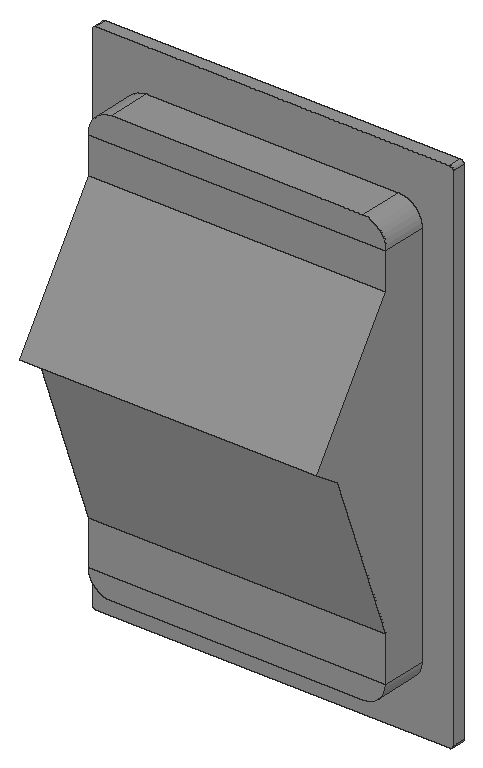
Revit family "L&L_LUCE&LIGHT_PASITO_MINI_1.1", category Lighting Fixtures, host Wall, Revit 2018 (continued)
Types (2, lengths in mm): name | built-in parameter 1150142 | Photometric Web File
    .75 8.50 8.29 8.13 7.98 \r\n7.83 7.65 7.45 7.28 7.12 6.98 6.81 6.62 6.45 6.28 6.12 \r\n5.95 5.77 5.61 5.45 5.28 5.11 4.94 4.79 4.62 4.46 4.31 \r\n4.15 3.98 3.83 3.66 3.51 3.36 3.21 3.06 2.92 2.78 2.64 \r\n2.49 2.36 2.24 2.11 1.98 1.85 1.73 1.61 1.49 1.37 1.26 \r\n1.16 1.06 0.96 0.86 0.77 0.68 0.60 0.51 0.43 0.35 0.27 \r\n0.20 0.13 0.06 0.02 0.02 \r\n0.01 0.07 0.33 0.85 1.33 1.59 2.00 2.72 3.61 4.70 6.13 \r\n7.90 9.72 11.86 14.65 17.90 21.69 26.22 31.29 36.88 42.92 \r\n48.75 53.54 56.97 59.28 61.23 63.09 64.94 66.56 68.08 \r\n69.76 71.37 72.83 74.07 75.32 76.66 77.80 78.78 79.76 \r\n80.67 81.43 82.06 82.64 83.10 83.46 83.74 83.80 83.77 \r\n83.78 83.74 83.50 83.00 82.36 81.66 80.90 80.08 79.20 \r\n78.23 77.16 76.00 74.73 73.30 71.76 70.19 68.58 66.88 \r\n65.09 63.23 61.27 59.21 57.03 54.72 52.31 49.82 47.23 \r\n44.57 41.89 39.25 36.68 34.24 31.96 29.88 27.98 26.27 \r\n24.72 23.34 22.09 20.97 19.96 19.04 18.21 17.45 16.74 \r\n16.08 15.44 14.82 14.23 13.67 13.15 12.67 12.22 11.81 \r\n11.42 11.06 10.73 10.42 10.15 9.90 9.68 9.48 9.29 9.10 \r\n8.89 8.65 8.38 8.12 7.89 7.71 7.57 7.43 7.27 7.10 6.94 \r\n6.80 6.66 6.51 6.34 6.18 6.04 5.89 5.73 5.55 5.40 5.27 \r\n5.11 4.94 4.80 4.65 4.49 4.35 4.20 4.05 3.90 3.76 3.61 \r\n3.47 3.34 3.19 3.05 2.92 2.78 2.65 2.53 2.40 2.27 2.15 \r\n2.03 1.91 1.80 1.68 1.58 1.46 1.35 1.25 1.15 1.06 0.96 \r\n0.87 0.79 0.70 0.62 0.55 0.47 0.39 0.32 0.25 0.18 0.11 \r\n0.05 0.02 0.02 \r\n0.01 0.07 0.27 0.73 1.20 1.50 1.76 2.25 2.98 3.80 4.83 \r\n6.14 7.76 9.45 11.30 13.74 16.57 19.71 23.54 27.96 32.63 \r\n37.73 42.90 47.67 51.58 54.44 56.50 57.94 59.13 60.32 \r\n61.44 62.46 63.53 64.62 65.53 66.24 66.88 67.61 68.34 \r\n68.91 69.26 69.49 69.70 69.89 70.06 70.14 70.07 69.88 \r\n69.64 69.36 68.99 68.47 67.83 67.15 66.46 65.72 64.89 \r\n63.96 62.95 61.87 60.72 59.53 58.31 57.04 55.69 54.34 \r\n52.96 51.47 49.94 48.40 46.82 45.18 43.49 41.77 40.01 \r\n38.20 36.34 34.46 32.60 30.77 29.01 27.33 25.75 24.28 \r\n22.94 21.71 20.58 19.55 18.61 17.75 16.96 16.24 15.57 \r\n14.93 14.32 13.73 13.16 12.62 12.11 11.64 11.20 10.79 \r\n10.41 10.06 9.74 9.45 9.18 8.95 8.73 8.52 8.30 8.06 7.82 \r\n7.57 7.35 7.17 7.04 6.93 6.80 6.65 6.50 6.36 6.24 6.10 \r\n5.94 5.80 5.67 5.54 5.38 5.23 5.10 4.98 4.83 4.69 4.55 \r\n4.42 4.28 4.15 4.02 3.88 3.74 3.61 3.48 3.35 3.21 3.09 \r\n2.97 2.84 2.72 2.59 2.48 2.37 2.25 2.13 2.03 1.92 1.81 \r\n1.70 1.60 1.50 1.40 1.30 1.21 1.12 1.03 0.95 0.86 0.78 \r\n0.71 0.63 0.56 0.49 0.42 0.36 0.29 0.23 0.16 0.10 0.04 \r\n0.02 0.02 \r\n0.01 0.06 0.21 0.59 1.03 1.37 1.58 1.85 2.36 3.01 3.75 \r\n4.66 5.77 7.15 8.67 10.26 12.20 14.54 17.09 19.96 23.38 \r\n27.18 31.34 35.82 40.02 43.76 47.10 49.82 51.81 52.93 \r\n53.29 53.70 54.47 55.21 55.70 56.06 56.38 56.65 56.97 \r\n57.33 57.61 57.64 57.47 57.33 57.25 57.13 56.94 56.63 \r\n56.21 55.76 55.32 54.85 54.31 53.68 53.00 52.27 51.49 \r\n50.72 49.95 49.14 48.27 47.35 46.37 45.36 44.35 43.37 \r\n42.37 41.32 40.20 39.05 37.92 36.79 35.65 34.45 33.22 \r\n31.93 30.63 29.34 28.03 26.72 25.42 24.15 22.90 21.70 \r\n20.57 19.50 18.51 17.60 16.76 15.98 15.27 14.61 14.00 \r\n13.42 12.87 12.33 11.81 11.32 10.84 10.40 9.98 9.59 9.23 \r\n8.90 8.60 8.31 8.04 7.78 7.53 7.28 7.06 6.85 6.67 6.52 \r\n6.40 6.29 6.18 6.06 5.93 5.82 5.69 5.56 5.43 5.31 5.19 \r\n5.06 4.94 4.82 4.70 4.58 4.45 4.33 4.22 4.10 3.98 3.86 \r\n3.74 3.62 3.50 3.38 3.26 3.14 3.03 2.92 2.81 2.69 2.59 \r\n2.49 2.39 2.28 2.18 2.07 1.98 1.88 1.78 1.67 1.58 1.50 \r\n1.40 1.32 1.23 1.15 1.07 0.99 0.91 0.83 0.76 0.69 0.62 \r\n0.55 0.49 0.43 0.37 0.32 0.26 0.20 0.14 0.08 0.04 0.02 \r\n0.02 \r\n0.01 0.06 0.15 0.44 0.85 1.20 1.44 1.61 1.86 2.27 2.80 \r\n3.43 4.18 5.08 6.18 7.42 8.72 10.16 11.87 13.81 15.91 \r\n18.28 20.95 23.75 26.69 29.87 33.01 35.68 37.75 39.22 \r\n40.09 40.49 40.46 40.22 40.17 40.33 40.40 40.26 40.04 \r\n39.89 39.84 39.75 39.57 39.35 39.09 38.76 38.43 38.19 \r\n38.01 37.78 37.44 37.07 36.70 36.30 35.89 35.47 35.01 \r\n34.48 33.93 33.45 32.99 32.52 31.98 31.42 30.86 30.30 \r\n29.69 29.05 28.38 27.71 27.04 26.37 25.67 24.95 24.23 \r\n23.49 22.75 21.98 21.19 20.38 19.56 18.74 17.93 17.15 \r\n16.40 15.68 15.00 14.35 13.73 13.16 12.62 12.13 11.67 \r\n11.23 10.82 10.41 10.02 9.63 9.25 8.88 8.53 8.18 7.86 \r\n7.54 7.24 6.95 6.67 6.42 6.19 6.00 5.85 5.72 5.62 5.52 \r\n5.43 5.34 5.24 5.13 5.03 4.92 4.82 4.71 4.61 4.51 4.41 \r\n4.31 4.20 4.10 4.00 3.89 3.79 3.68 3.58 3.48 3.37 3.27 \r\n3.17 3.07 2.98 2.88 2.77 2.68 2.58 2.49 2.39 2.30 2.21 \r\n2.13 2.04 1.96 1.87 1.78 1.69 1.60 1.52 1.44 1.36 1.28 \r\n1.21 1.13 1.05 0.98 0.91 0.84 0.78 0.72 0.65 0.59 0.53 \r\n0.48 0.42 0.37 0.32 0.27 0.22 0.17 0.12 0.07 0.03 0.02 \r\n0.02 \r\n0.01 0.05 0.13 0.33 0.64 0.97 1.24 1.43 1.59 1.77 2.04 \r\n2.42 2.91 3.49 4.18 4.99 5.91 6.89 7.86 8.92 10.16 11.55 \r\n13.02 14.51 16.14 17.80 19.37 20.81 22.16 23.21 23.76 \r\n23.83 23.65 23.53 23.52 23.54 23.56 23.50 23.42 23.41 \r\n23.36 23.25 23.12 23.04 22.94 22.83 22.72 22.62 22.50 \r\n22.33 22.12 21.94 21.76 21.61 21.45 21.28 21.07 20.84 \r\n20.58 20.33 20.09 19.88 19.65 19.41 19.14 18.85 18.53 \r\n18.19 17.83 17.47 17.11 16.76 16.42 16.07 15.71 15.32 \r\n14.93 14.53 14.12 13.72 13.31 12.92 12.53 12.15 11.77 \r\n11.40 11.05 10.70 10.36 10.04 9.73 9.43 9.15 8.87 8.60 \r\n8.32 8.04 7.76 7.47 7.17 6.87 6.58 6.29 6.01 5.74 5.49 \r\n5.27 5.08 4.93 4.82 4.73 4.66 4.59 4.53 4.46 4.38 4.30 \r\n4.22 4.13 4.04 3.96 3.87 3.79 3.71 3.62 3.54 3.45 3.37 \r\n3.29 3.21 3.12 3.03 2.95 2.86 2.77 2.69 2.61 2.53 2.45 \r\n2.37 2.29 2.21 2.13 2.06 1.98 1.90 1.83 1.75 1.68 1.61 \r\n1.54 1.47 1.40 1.33 1.26 1.19 1.13 1.06 1.00 0.94 0.88 \r\n0.82 0.76 0.70 0.65 0.59 0.54 0.49 0.44 0.39 0.35 0.31 \r\n0.27 0.22 0.18 0.14 0.09 0.05 0.03 0.02 0.02 \r\n0.01 0.04 0.10 0.21 0.43 0.70 0.95 1.16 1.34 1.49 1.61 \r\n1.77 1.97 2.27 2.66 3.11 3.61 4.17 4.79 5.50 6.22 6.95 \r\n7.68 8.42 9.12 10.00 10.78 11.44 12.00 12.38 12.61 12.73 \r\n12.80 12.91 12.97 12.99 12.95 12.92 12.96 13.05 13.14 \r\n13.19 13.19 13.17 13.18 13.18 13.20 13.18 13.15 13.11 \r\n13.07 13.02 12.96 12.89 12.80 12.74 12.66 12.60 12.52 \r\n12.43 12.33 12.21 12.08 11.94 11.79 11.63 11.47 11.29 \r\n11.11 10.94 10.76 10.58 10.39 10.21 10.03 9.84 9.66 9.48 \r\n9.31 9.13 8.95 8.78 8.60 8.43 8.25 8.08 7.91 7.74 7.57 \r\n7.40 7.23 7.07 6.90 6.73 6.54 6.34 6.13 5.90 5.66 5.41 \r\n5.14 4.88 4.63 4.41 4.23 4.10 4.01 3.95 3.90 3.86 3.80 \r\n3.74 3.67 3.60 3.53 3.46 3.39 3.33 3.26 3.20 3.13 3.06 \r\n2.99 2.92 2.85 2.79 2.73 2.67 2.60 2.53 2.46 2.40 2.34 \r\n2.27 2.20 2.14 2.07 2.01 1.95 1.89 1.82 1.76 1.69 1.63 \r\n1.57 1.51 1.45 1.39 1.34 1.28 1.23 1.17 1.11 1.06 1.00 \r\n0.95 0.90 0.84 0.79 0.74 0.69 0.65 0.60 0.56 0.51 0.47 \r\n0.43 0.39 0.35 0.31 0.27 0.24 0.21 0.18 0.14 0.11 0.07 \r\n0.04 0.02 0.02 0.02 \r\n0.01 0.04 0.08 0.15 0.25 0.43 0.60 0.79 0.97 1.13 1.28 \r\n1.40 1.52 1.62 1.74 1.90 2.09 2.33 2.59 2.90 3.23 3.61 \r\n4.00 4.42 4.80 5.20 5.53 5.84 6.07 6.25 6.37 6.47 6.55 \r\n6.63 6.69 6.72 6.75 6.79 6.87 6.96 7.04 7.12 7.17 7.22 \r\n7.27 7.32 7.39 7.44 7.49 7.51 7.53 7.54 7.56 7.58 7.62 \r\n7.64 7.64 7.63 7.62 7.61 7.60 7.58 7.55 7.50 7.44 7.37 \r\n7.29 7.22 7.14 7.07 6.99 6.91 6.82 6.73 6.64 6.55 6.45 \r\n6.35 6.26 6.16 6.07 5.97 5.88 5.78 5.68 5.57 5.47 5.37 \r\n5.27 5.16 5.05 4.93 4.81 4.68 4.54 4.39 4.23 4.07 3.90 \r\n3.75 3.62 3.50 3.41 3.33 3.27 3.21 3.15 3.09 3.03 2.97 \r\n2.91 2.85 2.80 2.74 2.69 2.63 2.58 2.52 2.47 2.41 2.36 \r\n2.31 2.26 2.21 2.16 2.10 2.05 2.00 1.95 1.90 1.85 1.80 \r\n1.74 1.69 1.64 1.59 1.55 1.51 1.46 1.41 1.36 1.32 1.27 \r\n1.23 1.18 1.14 1.09 1.05 1.00 0.96 0.92 0.88 0.84 0.80 \r\n0.75 0.71 0.67 0.63 0.59 0.56 0.52 0.48 0.45 0.42 0.39 \r\n0.35 0.32 0.29 0.26 0.23 0.20 0.18 0.15 0.13 0.10 0.08 \r\n0.05 0.03 0.02 0.02 0.02 \r\n0.01 0.03 0.06 0.09 0.15 0.22 0.28 0.39 0.50 0.62 0.74 \r\n0.86 0.97 1.08 1.18 1.28 1.37 1.46 1.55 1.64 1.74 1.84 \r\n1.96 2.09 2.24 2.39 2.50 2.57 2.63 2.67 2.68 2.74 2.80 \r\n2.85 2.90 2.95 2.99 3.03 3.09 3.14 3.19 3.25 3.31 3.37 \r\n3.44 3.50 3.56 3.61 3.64 3.67 3.70 3.73 3.76 3.79 3.81 \r\n3.83 3.84 3.85 3.85 3.86 3.87 3.87 3.87 3.87 3.86 3.85 \r\n3.84 3.83 3.81 3.79 3.77 3.74 3.71 3.68 3.64 3.61 3.57 \r\n3.54 3.50 3.46 3.42 3.37 3.33 3.29 3.24 3.19 3.14 3.09 \r\n3.04 2.98 2.93 2.87 2.82 2.77 2.72 2.68 2.63 2.59 2.55 \r\n2.51 2.47 2.43 2.39 2.35 2.31 2.26 2.22 2.18 2.14 2.09 \r\n2.05 2.01 1.97 1.93 1.89 1.85 1.80 1.76 1.72 1.68 1.64 \r\n1.60 1.56 1.52 1.49 1.45 1.41 1.38 1.34 1.31 1.27 1.24 \r\n1.20 1.16 1.13 1.09 1.06 1.03 0.99 0.96 0.93 0.90 0.86 \r\n0.83 0.80 0.77 0.74 0.71 0.67 0.64 0.61 0.59 0.56 0.53 \r\n0.51 0.48 0.45 0.42 0.40 0.37 0.35 0.32 0.30 0.28 0.25 \r\n0.23 0.21 0.19 0.17 0.15 0.13 0.11 0.10 0.08 0.06 0.05 \r\n0.04 0.03 0.02 0.02 0.02 \r\n0.01 0.02 0.04 0.06 0.08 0.10 0.12 0.15 0.18 0.21 0.24 \r\n0.26 0.30 0.36 0.41 0.46 0.51 0.56 0.60 0.65 0.71 0.77 \r\n0.83 0.88 0.94 0.98 1.01 1.04 1.08 1.11 1.15 1.18 1.21 \r\n1.23 1.26 1.28 1.31 1.35 1.38 1.42 1.45 1.49 1.51 1.53 \r\n1.55 1.57 1.59 1.61 1.63 1.65 1.66 1.68 1.69 1.70 1.71 \r\n1.72 1.73 1.75 1.76 1.77 1.78 1.78 1.78 1.77 1.77 1.76 \r\n1.75 1.75 1.75 1.75 1.75 1.74 1.73 1.72 1.71 1.70 1.69 \r\n1.67 1.66 1.65 1.64 1.62 1.61 1.60 1.58 1.57 1.55 1.53 \r\n1.51 1.50 1.48 1.47 1.46 1.45 1.43 1.42 1.40 1.38 1.36 \r\n1.34 1.33 1.31 1.29 1.28 1.26 1.25 1.23 1.20 1.18 1.16 \r\n1.13 1.11 1.09 1.07 1.05 1.03 1.01 0.98 0.96 0.94 0.92 \r\n0.89 0.87 0.85 0.83 0.81 0.79 0.77 0.75 0.73 0.71 0.69 \r\n0.67 0.64 0.62 0.60 0.58 0.56 0.54 0.53 0.51 0.49 0.47 \r\n0.46 0.44 0.42 0.41 0.39 0.37 0.35 0.33 0.32 0.30 0.28 \r\n0.27 0.25 0.24 0.22 0.21 0.20 0.18 0.17 0.15 0.14 0.13 \r\n0.11 0.10 0.09 0.08 0.07 0.06 0.06 0.05 0.04 0.04 0.03 \r\n0.03 0.02 0.02 0.02 0.02 \r\n0.01 0.02 0.02 0.02 0.03 0.03 0.03 0.04 0.04 0.04 0.05 \r\n0.05 0.05 0.06 0.06 0.07 0.07 0.07 0.08 0.08 0.09 0.09 \r\n0.10 0.10 0.10 0.11 0.11 0.12 0.12 0.13 0.13 0.14 0.14 \r\n0.15 0.15 0.16 0.16 0.16 0.17 0.17 0.18 0.18 0.19 0.19 \r\n0.19 0.20 0.20 0.21 0.21 0.21 0.22 0.22 0.23 0.23 0.23 \r\n0.24 0.24 0.25 0.25 0.25 0.26 0.26 0.26 0.27 0.27 0.27 \r\n0.28 0.28 0.28 0.29 0.29 0.29 0.30 0.30 0.30 0.31 0.31 \r\n0.31 0.31 0.31 0.32 0.32 0.32 0.32 0.32 0.32 0.33 0.33 \r\n0.33 0.33 0.33 0.33 0.33 0.33 0.33 0.33 0.33 0.33 0.33 \r\n0.33 0.33 0.33 0.32 0.32 0.32 0.32 0.32 0.31 0.31 0.31 \r\n0.31 0.30 0.30 0.30 0.29 0.29 0.29 0.28 0.28 0.28 0.27 \r\n0.27 0.26 0.26 0.25 0.25 0.24 0.24 0.23 0.23 0.23 0.22 \r\n0.22 0.21 0.21 0.20 0.20 0.19 0.19 0.18 0.18 0.17 0.17 \r\n0.16 0.16 0.15 0.15 0.14 0.14 0.13 0.13 0.12 0.12 0.11 \r\n0.11 0.10 0.10 0.09 0.09 0.08 0.08 0.07 0.07 0.06 0.06 \r\n0.05 0.05 0.04 0.04 0.03 0.03 0.03 0.02 0.02 0.02 0.02 \r\n0.02 0.02 0.02 0.02 0.02 \r\n" | "PASITO MINI 1.1 BE 60° [2700K 5W 24Vdc] white.IES"
